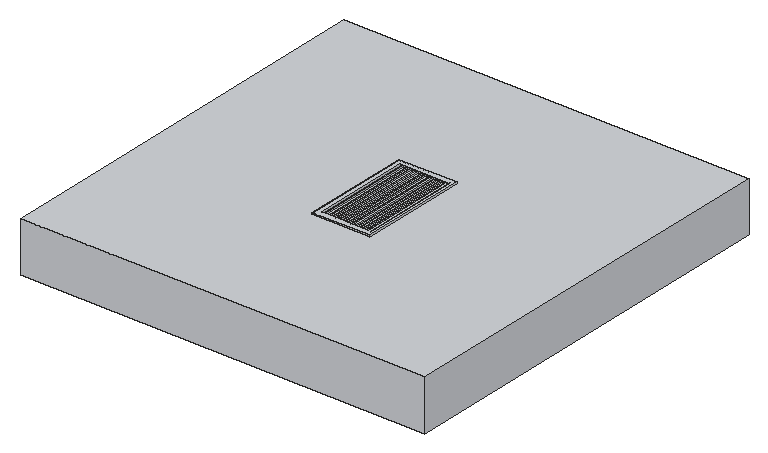
Revit family
Parameters (values of type "21")
  URL = "http://www.price-hvac.com/catalog/D_all/SectionD.aspx?pageRequest=20_1"
  Steel Frame [instance] = no
  Pressure Drop [instance] = 0.00 in-wg
  Narrow Border [instance] = no
  Model = "21 Series"
  Material = "Aluminum"
  Manufacturer = "Price Industries"
  Flat Face [instance] = yes
  Flange Width [instance] = if(Narrow Border, 1", 1.25")  # 1.25"
  Face Offset [instance] = 0"
  Nominal Duct Width [instance] = 12"
  Nominal Duct Height [instance] = 24"
  Duct Depth Narrow = 1.31"
  Duct Depth Flat = 1.28"
  Duct Depth [instance] = if(Curved Face, 1.313", if(Steel Frame, 1.313", if([21D 22D], 3.188", if([21D 22D Flat Face], 3.125", 1.25"))))  # 1.25"
  Description = "Airfoil Series Louvered Face Supply"
  Default Elevation = 48"
  Cutout Width [instance] = Nominal Duct Width - 0.812"  # 11.188"
  Cutout Height [instance] = Nominal Duct Height - 0.812"  # 23.188"
  Curved Face [instance] = no
  Blade Thickness = 0.145"
  Blade Spacing = 0.75"
  Blade Number [instance] = Blade Calc - 1  # 12
  Blade Depth = 0.75"
  Blade Calc [instance] = Cutout Width / (Blade Spacing + Blade Thickness)  # 12.5006
  Blade Angle [instance] = 90.00°
  Array Offset [instance] = (Cutout Width - Array Length - Blade Thickness) / 2  # 0.599"
  Array Length [instance] = (Blade Number - 1) * (Blade Spacing + Blade Thickness)  # 9.845"
  Actual Supply Air Flow [instance] = 0 CFM
  21D 22D Flat Face [instance] = no
  21D 22D [instance] = no
Types (3): name | Model
  (no name) | "21 Series"
  21 | "21 Series"
  22 | "22 Series"
Reference planes (in)
  plane 1 "Center (Front/Back)": y = 0
  plane 2: z = 0
  plane 3 "Center (Left/Right)": x = 0
  plane 4: z = 0
Forms (in)
  Extrusion 1, solid
    sketch origin (0, 0, 0) x (1, 0, 0) y (0, 1, 0)
      loop
        line (-48, 48) -> (-48, -48) -> (48, -48) -> (48, 48) -> (-48, 48)
    from 0 to -12
  Sweep 2, solid
    path origin (-42.37224, -180, 0) x (-1, 0, 0) y (0, -1, 0)
      loop
        line (-36.37224, -192) -> (-36.37224, -168) -> (-48.37224, -168) -> (-48.37224, -192) -> (-36.37224, -192)
    profile origin (0, 12, 0) x (0, 1, 0) y (0, 0, 1)
      loop
        line (0, -1) -> (0, 0.205) -> (0.79875, 0.205) -> (0.79875, 0) -> (0.84375, 0) -> (0.84375, 0.25) -> (-0.40625, 0.25) -> (-0.40625, -1) -> (0, -1)
Dimensions and locks (in)
  "Face Offset": plane 2 to plane 4
  "Nominal Duct Width": Sweep 2 sketch curve to Sweep 2 sketch curve
  "Nominal Duct Height": Sweep 2 sketch curve to Sweep 2 sketch curve
  equal spacing: Sweep 2 sketch curve, plane 1 "Center (Front/Back)", Sweep 2 sketch curve
  equal spacing: Sweep 2 sketch curve, plane 3 "Center (Left/Right)", Sweep 2 sketch curve
  "Flange Width": Sweep 2 sketch curve to Sweep 2 sketch curve
  locked: nested 1 to Sweep 2 at 0
  "Array Offset": nested 1 to Sweep 2
  equal spacing: group 2, group 12, group 11, group 10, group 9, group 8, group 7, group 6, group 5, group 4, group 3, group 1
  equal spacing: group 1, group 3, group 4, group 5, group 6, group 7, group 8, group 9, group 10, group 11, group 12, group 2  (x2)
  "Array Length": nested 1 to nested 2
  Sweep 2 to nested 1 = 0.1175"
  Sweep 2 to nested 2 = 0.1175"
  locked: nested 2 to Sweep 2 at 0
  Sweep 2 sketch curve to Sweep 2 sketch curve = 0.045"
  "Duct Depth": Sweep 2 sketch curve to Sweep 2 sketch curve
  locked: Extrusion 1 to Sweep 2 sketch curve at 0.25
  aligned and locked: plane 2 to Extrusion 1
  aligned and locked: level to Extrusion 1
Automatic sketch dimensions
  Extrusion 1 sketch curve to Extrusion 1 sketch curve = 96"  (x2)
  Sweep 2 sketch curve to profile plane = 0"
  Sweep 2 sketch curve to plane 4 = 0"
  profile plane to Sweep 2 sketch curve = 0.40625"
  Sweep 2 sketch curve to Sweep 2 sketch curve = 0.045"
Nested families (in)
  nested 1: "Blade" at (4.99475, 0.00025, 0.0875) x (0, 1, 0) z (0, 0, 1), type "HCD1 Blade"
    with Blade Length 23.188", Blade Thickness 0.145"
  nested 2: "Blade" at (-4.85025, 0.00025, 0.0875) x (0, 1, 0) z (0, 0, 1), type "HCD1 Blade"
    with Blade Length 23.188", Blade Thickness 0.145"
  nested 3: "Blade" at (4.09975, 0.00025, 0.0875) x (0, 1, 0) z (0, 0, 1), type "HCD1 Blade"
    with Blade Length 23.188", Blade Thickness 0.145"
  nested 4: "Blade" at (3.20475, 0.00025, 0.0875) x (0, 1, 0) z (0, 0, 1), type "HCD1 Blade"
    with Blade Length 23.188", Blade Thickness 0.145"
  nested 5: "Blade" at (2.30975, 0.00025, 0.0875) x (0, 1, 0) z (0, 0, 1), type "HCD1 Blade"
    with Blade Length 23.188", Blade Thickness 0.145"
  nested 6: "Blade" at (1.41475, 0.00025, 0.0875) x (0, 1, 0) z (0, 0, 1), type "HCD1 Blade"
    with Blade Length 23.188", Blade Thickness 0.145"
  nested 7: "Blade" at (0.51975, 0.00025, 0.0875) x (0, 1, 0) z (0, 0, 1), type "HCD1 Blade"
    with Blade Length 23.188", Blade Thickness 0.145"
  nested 8: "Blade" at (-0.37525, 0.00025, 0.0875) x (0, 1, 0) z (0, 0, 1), type "HCD1 Blade"
    with Blade Length 23.188", Blade Thickness 0.145"
  nested 9: "Blade" at (-1.27025, 0.00025, 0.0875) x (0, 1, 0) z (0, 0, 1), type "HCD1 Blade"
    with Blade Length 23.188", Blade Thickness 0.145"
  nested 10: "Blade" at (-2.16525, 0.00025, 0.0875) x (0, 1, 0) z (0, 0, 1), type "HCD1 Blade"
    with Blade Length 23.188", Blade Thickness 0.145"
  nested 11: "Blade" at (-3.06025, 0.00025, 0.0875) x (0, 1, 0) z (0, 0, 1), type "HCD1 Blade"
    with Blade Length 23.188", Blade Thickness 0.145"
  nested 12: "Blade" at (-3.95525, 0.00025, 0.0875) x (0, 1, 0) z (0, 0, 1), type "HCD1 Blade"
    with Blade Length 23.188", Blade Thickness 0.145"
Connectors (in)
  hvac at (0, 0, -1), driven by "Nominal Duct Height", driven by "Nominal Duct Width", driven by "Actual Supply Air Flow", driven by "Pressure Drop"
    settings: on Sweep 2, index 1
Definition of nested family "Blade"
  Parameters (values of type "HCD1 Blade")
    Material = "Steel"
    Blade Length = 12"
    Blade Thickness = 0.05"
    Blade Height = 0.75"
    Blade Angle = 90.00°
    Assembly Code = ""
  Types (2): name | Blade Length
    HCD1 Blade | 12"
    Blade | 11.25"
  Reference planes (in)
    plane 1 "Center (Front/Back)": y = 0
    plane 2: z = 0
    plane 3 "Center (Left/Right)": x = 0
    plane 4: x = -6
    plane 5: x = 6
  Forms (in)
    Extrusion 1, solid
      sketch origin (-6, 48.57869, 48) x (0, 1, 0) y (0, 0, 1)
        loop
          line (-48.57869, -48) -> (-48.57869, -48.75) -> (-48.52869, -48.75) -> (-48.52869, -48) -> (-48.57869, -48)
      from 0 to 12 <- "Blade Length"
  Dimensions and locks (in)
    equal spacing: plane 4, plane 3 "Center (Left/Right)", plane 5
    "Blade Length": plane 4 to plane 5
    "Blade Thickness": Extrusion 1 sketch curve to Extrusion 1 sketch curve
    "Blade Height": Extrusion 1 sketch curve to Extrusion 1 sketch curve
    "Blade Angle": angle plane 2 to Extrusion 1 sketch curve
    aligned and locked: level to Extrusion 1 sketch curve
    aligned and locked: plane 1 "Center (Front/Back)" to Extrusion 1 sketch curve
